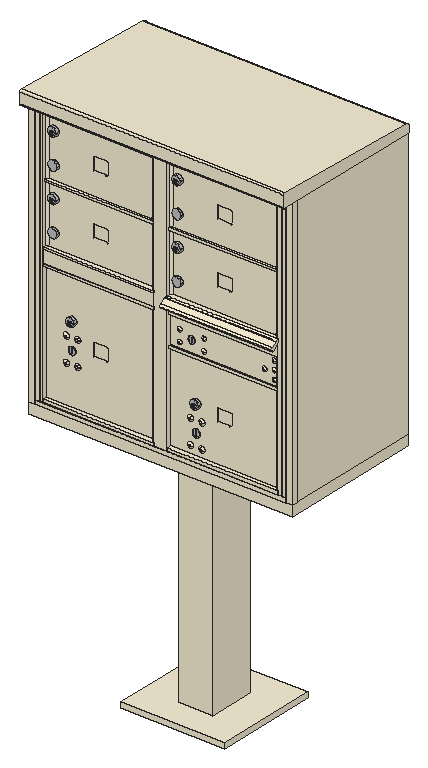
Revit family "Mailboxes_Cluster_Box_Units-Salsbury_Industries-Type_I_II_III_IV_V_VI", category Specialty Equipment, Revit 2016
Family settings
  Part Type = Normal
  Round Connector Dimension = Use Diameter
  OmniClass Number = 23.40.90.14.11
  OmniClass Title = Mail Boxes
  Work Plane-Based = Yes
  Always vertical = Yes
  Cut with Voids When Loaded = No
  Shared = No
  Room Calculation Point = No
Parameters (values of type "3305")
  Width = 30.510"
  Visible Door Number [instance] = yes
  Visible Divider-Low = no
  Visible Divider-High = yes
  Version = "3.0 (02/28/19)"
  URL = "www.mailboxes.com"
  Type Comments = "Cluster Box Unit (CBU) - Includes Pedestal"
  Pedestal Height = 28.500"
  Visible Parcel Lock [instance] = yes
  OmniClass 23 Title = "Mail Boxes"
  OmniClass 23 Number = "23.40.90.14.11"
  Model = "3305"
  MasterFormat Title = "Postal Specialties"
  MasterFormat Number = "10 55 13. 13"
  Manufacturer = "Salsbury Industries"
  Mail Door-Low = 3300 Series CBU Door Configurations : Empty
  Mail Door-High = 3300 Series CBU Small Mail Configuration : Small Mail Door
  Lock Material = Stainless Steel - Salsbury Finish -  Polished
  Height = 62.045"
  External Panel Material [instance] = Paint - Salsbury Finish - Sandstone
  Door Slot R9 Number [instance] = "2P"
  Door Slot R9 = 3300 Series CBU Parcel Configurations : CBU Small Parcel
  Door Slot R8 Number [instance] = "0"
  Door Slot R8 = 3300 Series CBU Door Configurations : Empty
  Door Slot R7B = 3300 Series CBU Door Configurations : Empty
  Door Slot R7 Number [instance] = "0"
  Door Slot R7 = 3300 Series CBU Door Configurations : Empty
  Door Slot R6B = 3300 Series CBU Door Configurations : Empty
  Door Slot R6 Number [instance] = "0"
  Door Slot R6 = 3300 Series CBU Door Configurations : Empty
  Door Slot R5B = 3300 Series CBU Door Configurations : Empty
  Door Slot R5 Number [instance] = "0"
  Door Slot R5 = 3300 Series CBU Door Configurations : Empty
  Door Slot R4B = 3300 Series CBU Door Configurations : Empty
  Door Slot R4 Number [instance] = "4"
  Door Slot R4 = 3300 Series CBU C-Door Configurations : C Door w/ Divider
  Door Slot R3B = 3300 Series CBU Door Configurations : Empty
  Door Slot R3 Number [instance] = "0"
  Door Slot R3 = 3300 Series CBU Door Configurations : Empty
  Door Slot R2B = 3300 Series CBU Door Configurations : Empty
  Door Slot R2 Number [instance] = "3"
  Door Slot R2 = 3300 Series CBU C-Door Configurations : C Door
  Door Slot R1B = 3300 Series CBU Door Configurations : Empty
  Door Slot R1 Number [instance] = "0"
  Door Slot R1 = 3300 Series CBU Door Configurations : Empty
  Door Slot L9 Number [instance] = "1P"
  Door Slot L9 = 3300 Series CBU Parcel Configurations : CBU Large Parcel
  Door Slot L8 Number [instance] = "0"
  Door Slot L8 = 3300 Series CBU Door Configurations : Empty
  Door Slot L7 Number [instance] = "0"
  Door Slot L7 = 3300 Series CBU Door Configurations : Empty
  Door Slot L6B = 3300 Series CBU Door Configurations : Empty
  Door Slot L6 Number [instance] = "0"
  Door Slot L6 = 3300 Series CBU Door Configurations : Empty
  Door Slot L5B = 3300 Series CBU Door Configurations : Empty
  Door Slot L5 Number [instance] = "0"
  Door Slot L5 = 3300 Series CBU Door Configurations : Empty
  Door Slot L4B = 3300 Series CBU Door Configurations : Empty
  Door Slot L4 Number [instance] = "2"
  Door Slot L4 = 3300 Series CBU C-Door Configurations : C Door w/ Divider
  Door Slot L3B = 3300 Series CBU Door Configurations : Empty
  Door Slot L3 Number [instance] = "0"
  Door Slot L3 = 3300 Series CBU Door Configurations : Empty
  Door Slot L2B = 3300 Series CBU Door Configurations : Empty
  Door Slot L2 Number [instance] = "1"
  Door Slot L2 = 3300 Series CBU C-Door Configurations : C Door
  Door Slot L1B = 3300 Series CBU Door Configurations : Empty
  Door Slot L1 Number [instance] = "0"
  Door Slot L1 = 3300 Series CBU Door Configurations : Empty
  Door Slot L7B = 3300 Series CBU Door Configurations : Empty
  Description = "4 C Doors, 1 Large Parcel Locker, 1 Small Parcel Locker - Type V - USPS Access"
  Depth = 17.970"
  Default Elevation [instance] = 0.000"
  Box Height = 34.025"
  Assembly Description = "Other Commercial Equipment"
  Assembly Code = "E1010900"
Reference planes (in)
  plane 1 "Center (Front/Back)": y = 0
  plane 2: z = 0
  plane 3 "Center (Left/Right)": x = 0
  plane 4 "Pedestal Base": z = 0
  plane 5 "Top of Unit": z = 62.045
  plane 6 "Bottom of Unit": z = 28.02
  plane 7 "Left Side of Unit": x = -15.255
  plane 8 "Right Side of Unit": x = 15.255
  plane 9 "Front of Unit": y = -8.985
  plane 10 "Back of Unit": y = 8.985
  plane 11 "Top of Pedestal Base Plate": z = 0.56
  plane 12 "Bottom of Pedestal Top Plate": z = 28
  plane 13 "Top of Pedestal Top Plate": z = 28.5
  plane 14 "Back of Pedestal Bottom Plate": y = 6
  plane 15 "Front of Pedestal Bottom Plate": y = -6
  plane 16 "Right Side of Pedestal Bottom Plate": x = 6
  plane 17 "Left Side of Pedestal Bottom Plate": x = -6
  plane 18 "Bottom Plate-Back Hole Align": y = 2
  plane 19 "Bottom Plate-Right Hole Align": x = 5
  plane 20 "Bottom Plate-Left Hole Align": x = -5
  plane 21 "Bottom Plate-Front Hole Align": y = -2
  plane 22 "Top Plate-Back Align": y = 3
  plane 23 "Top Plate-Front Align": y = -3
  plane 24 "Front Face of Unit": y = -7.792
  plane 25 "Right Side of Pedestal": x = 2
  plane 26 "Left Side of Pedestal": x = -2
  plane 27 "Back of Pedestal": y = 2.703
  plane 28 "Front of Pedestal": y = -2.703
  plane 29 "Top of Back Slope": z = 61.445
  plane 30 "Bottom of Top Cap": z = 60.441
  plane 31 "Back of Mail Unit": y = 8.886
  plane 32 "Back Align of Trim": y = -7.1878
  plane 33 "Bottom Trim-Bottom Edge": z = 29.24
  plane 34 "Bottom Door Frame-Bottom Edge": z = 29.74
  plane 35 "Bottom Door Align": z = 30.115
  plane 36 "Top Trim-Bottom Edge": z = 59.99
  plane 37 "Top Door Frame-Bottom Edge": z = 59.615
  plane 38 "Door Row 1-Bottom Edge": z = 56.365
  plane 39 "Door Row 2-Top Edge": z = 56.115
  plane 40 "Door Row 2-Bottom Edge": z = 52.865
  plane 41 "Door Row 3-Top Edge": z = 52.615
  plane 42 "Door Row 3-Bottom Edge": z = 49.365
  plane 43 "Door Row 4-Top Edge": z = 49.115
  plane 44 "Door Row 4-Bottom Edge": z = 45.865
  plane 45 "Gap-Top Edge": z = 45.615
  plane 46 "Gap-Bottom Edge": z = 44.115
  plane 47 "Door Row 5-Top Edge": z = 43.865
  plane 48 "Door Row 5-Bottom Edge": z = 40.615
  plane 49 "Door Row 6-Top Edge": z = 40.365
  plane 50 "Door Row 6-Bottom Edge": z = 37.115
  plane 51 "Door Row 7-Top Edge": z = 36.865
  plane 52 "Door Row 7-Bottom Edge": z = 33.615
  plane 53 "Door Row 8-Top Edge": z = 33.365
  plane 54 "Door Row 8-Bottom Edge": z = 30.115
  plane 55 "Door Row 9-Top Edge": z = 29.865
  plane 56 "Door Row 9-Bottom Edge": z = 26.615
  plane 57 "Door Row 10-Top Edge": z = 26.365
  plane 58: x = -0.732
  plane 59: x = 0.732
  plane 60 "Left Trim Edge": x = -14.471
  plane 61: x = 14.471
  plane 62 "Left Hinge Edge": x = -13.993
  plane 63 "Left Door Frame Edge": x = -13.617
  plane 64 "Right Hinge Edge": x = 13.993
  plane 65 "Right Door Frame Edge": x = 13.617
  plane 66: y = -7.7295
  plane 67 "Top of Pedestal Cover": z = 27.79
  plane 68: y = 8.761
  plane 69: x = -15.13
  plane 70: x = 15.13
  plane 71: x = 15.13
  plane 72: x = -15.13
  plane 73 "Door Row 1B-Bottom Edge": z = 54.615
  plane 74 "Door Row 2B-Top Edge": z = 54.365
  plane 75 "Door Row 2B-Bottom Edge": z = 49.365
  plane 76 "Door Row 3B-Top Edge": z = 49.115
  plane 77 "Door Row 3B-Bottom Edge": z = 44.115
  plane 78 "Door Row 4B-Top Edge": z = 43.865
  plane 79 "Door Row 4B-Bottom Edge": z = 38.865
  plane 80 "Gap 2-Top Edge": z = 38.615
  plane 81 "Gap 2-Bottom Edge": z = 37.115
  plane 82 "Door Row 5B-Top Edge": z = 36.865
  plane 83 "Door Row 5B-Bottom Edge": z = 31.865
  plane 84 "Door Row 6B-Top Edge": z = 31.615
  plane 85 "Door Row 6B-Bottom Edge": z = 26.615
  plane 86 "Door Row 7B-Top Edge": z = 26.365
  plane 87 "Door Row 7B-Bottom Edge": z = 21.365
  plane 88 "Door Row 8B-Top Edge": z = 21.115
  plane 89: z = 0
Forms (in)
  Extrusion 1, solid, material "Paint - Salsbury Finish - Sandstone" <- "External Panel Material"
    sketch origin (0, 0, 0) x (0, -1, 0) y (1, 0, 0)
      loop
        line (-6, -6) -> (6, -6) -> (6, 6) -> (-6, 6) -> (-6, -6)
    from 0 to 0.56
  Extrusion 2, solid, material "Paint - Salsbury Finish - Sandstone" <- "External Panel Material"
    sketch origin (0, 0, 0.56) x (0, -1, 0) y (1, 0, 0)
      loop
        line (-2.703, -2) -> (2.703, -2) -> (2.703, 2) -> (-2.703, 2) -> (-2.703, -2)
    from 0 to 27.44
  Extrusion 3, solid, material "Paint - Salsbury Finish - Sandstone" <- "External Panel Material"
    sketch origin (0, 0, 28) x (0, -1, 0) y (1, 0, 0)
      loop
        line (-3, -6) -> (3, -6) -> (3, 6) -> (-3, 6) -> (-3, -6)
    from 0 to 0.5
  Sweep 4, solid, material "Paint - Salsbury Finish - Sandstone" <- "External Panel Material"
    path origin (0, 0, 28.02) x (0, -1, 0) y (1, 0, 0)
      loop
        line (-8.886, -15.255) -> (7.792, -15.255) -> (7.792, 15.255) -> (-8.886, 15.255) -> (-8.886, -15.255)
    profile origin (0, 8.886, 28.02) x (0, 1, 0) y (0, 0, 1)
      loop
        line (0, 0) -> (0, 1.22) -> (-0.125, 1.22) -> (-0.125, 0) -> (0, 0)
  Extrusion 5, solid, material "Paint - Salsbury Finish - Sandstone" <- "External Panel Material"
    sketch origin (0, 0, 28.02) x (0, -1, 0) y (1, 0, 0)
      loop
        line (-8.761, -15.13) -> (7.7295, -15.13) -> (7.7295, 15.13) -> (-8.761, 15.13) -> (-8.761, -15.13)
    from 0.48 to 1.22
  Extrusion 6, solid, material "Paint - Salsbury Finish - Sandstone" <- "External Panel Material"
    sketch origin (0, 8.886, -12) x (0, 0, -1) y (1, 0, 0)
      loop
        line (-72.441, -15.13) -> (-41.24, -15.13) -> (-41.24, 15.13) -> (-72.441, 15.13) -> (-72.441, -15.13)
    from 0 to 0.125
  Extrusion 7, solid, material "Paint - Salsbury Finish - Sandstone" <- "External Panel Material"
    sketch origin (-15.255, 0, 0) x (0, 0, -1) y (0, -1, 0)
      loop
        line (-60.441, -8.886) -> (-29.24, -8.886) -> (-29.24, 7.1878) -> (-60.441, 7.1878) -> (-60.441, -8.886)
    from -0.125 to 0
  Extrusion 8, solid, material "Paint - Salsbury Finish - Sandstone" <- "External Panel Material"
    sketch origin (0, -7.792, -12) x (0, 0, -1) y (1, 0, 0)
      loop
        line (-72.441, -15.255) -> (-41.24, -15.255) -> (-41.24, -14.471) -> (-72.441, -14.471) -> (-72.441, -15.255)
    from -0.6042 to 0
  Extrusion 9, solid, material "Paint - Salsbury Finish - Sandstone" <- "External Panel Material"
    sketch origin (0, -7.792, -12) x (0, 0, -1) y (1, 0, 0)
      loop
        line (-72.441, 14.471) -> (-41.24, 14.471) -> (-41.24, 15.255) -> (-72.441, 15.255) -> (-72.441, 14.471)
    from -0.6042 to 0
  Extrusion 10, solid, material "Paint - Salsbury Finish - Sandstone" <- "External Panel Material"
    sketch origin (0, -7.792, -12) x (0, 0, -1) y (1, 0, 0)
      loop
        line (-72.441, -14.471) -> (-71.99, -14.471) -> (-71.99, 14.471) -> (-72.441, 14.471) -> (-72.441, -14.471)
    from -0.6042 to 0
  Extrusion 11, solid, material "Paint - Salsbury Finish - Sandstone" <- "External Panel Material"
    sketch origin (0, -7.792, -56.75) x (0, 0, -1) y (1, 0, 0)
      loop
        line (-86.49, -14.471) -> (-85.99, -14.471) -> (-85.99, 14.471) -> (-86.49, 14.471) -> (-86.49, -14.471)
    from -0.6042 to 0
  Extrusion 12, solid, material "Paint - Salsbury Finish - Sandstone" <- "External Panel Material"
    sketch origin (0, -7.792, -12) x (0, 0, -1) y (1, 0, 0)
      loop
        line (-71.99, -14.471) -> (-41.74, -14.471) -> (-41.74, -13.993) -> (-71.99, -13.993) -> (-71.99, -14.471)
    from -0.6042 to 0
  Extrusion 13, solid, material "Paint - Salsbury Finish - Sandstone" <- "External Panel Material"
    sketch origin (0, -7.792, -12) x (0, 0, -1) y (1, 0, 0)
      loop
        line (-71.99, 13.993) -> (-41.74, 13.993) -> (-41.74, 14.471) -> (-71.99, 14.471) -> (-71.99, 13.993)
    from -0.6042 to 0
  Extrusion 14, solid, material "Paint - Salsbury Finish - Sandstone" <- "External Panel Material"
    sketch origin (0, -7.792, -12) x (0, 0, -1) y (1, 0, 0)
      loop
        line (-71.99, -13.993) -> (-41.74, -13.993) -> (-41.74, -13.617) -> (-71.99, -13.617) -> (-71.99, -13.993)
    from -0.6042 to 0
  Extrusion 15, solid, material "Paint - Salsbury Finish - Sandstone" <- "External Panel Material"
    sketch origin (0, -7.792, -12) x (0, 0, -1) y (1, 0, 0)
      loop
        line (-71.99, 13.617) -> (-41.74, 13.617) -> (-41.74, 13.993) -> (-71.99, 13.993) -> (-71.99, 13.617)
    from -0.6042 to 0
  Extrusion 16, solid, material "Paint - Salsbury Finish - Sandstone" <- "External Panel Material"
    sketch origin (0, -7.792, -12) x (0, 0, -1) y (1, 0, 0)
      loop
        line (-71.99, -0.732) -> (-41.74, -0.732) -> (-41.74, 0.732) -> (-71.99, 0.732) -> (-71.99, -0.732)
    from -0.6042 to 0
  Extrusion 17, solid, material "Paint - Salsbury Finish - Sandstone" <- "External Panel Material"
    sketch origin (15.255, 0, 0) x (0, 0, -1) y (0, -1, 0)
      loop
        line (-60.441, -8.985) -> (-60.441, 8.84827)
        arc (-60.441, 8.84827) -> (-60.47996, 8.94485) -> (-60.57605, 8.985) r 0.13506
        line (-60.57605, 8.985) -> (-61.89071, 8.985)
        arc (-61.89071, 8.985) -> (-62.00172, 8.9379) -> (-62.045, 8.82535) r 0.15438
        line (-62.045, 8.82535) -> (-61.44465, -8.75558)
        arc (-61.44465, -8.75558) -> (-61.38861, -8.91669) -> (-61.2323, -8.985) r 0.21298
        line (-61.2323, -8.985) -> (-60.441, -8.985)
    from 0 to 30.51
  Extrusion 18, solid, material "Paint - Salsbury Finish - Sandstone" <- "External Panel Material", visible <- "Visible Divider-High"
    sketch origin (0, -7.792, -12) x (0, 0, -1) y (1, 0, 0)
      loop
        line (-57.615, -13.617) -> (-56.115, -13.617) -> (-56.115, -0.732) -> (-57.615, -0.732) -> (-57.615, -13.617)
    from -0.6042 to -0.0625
  Extrusion 19, solid, material "Paint - Salsbury Finish - Sandstone" <- "External Panel Material", visible <- "Visible Divider-High"
    sketch origin (0, -7.792, -12) x (0, 0, -1) y (1, 0, 0)
      loop
        line (-57.865, -13.617) -> (-57.615, -13.617) -> (-57.615, -0.732) -> (-57.865, -0.732) -> (-57.865, -13.617)
    from -0.6042 to 0
  Extrusion 20, solid, material "Paint - Salsbury Finish - Sandstone" <- "External Panel Material", visible <- "Visible Divider-High"
    sketch origin (0, -7.792, -12) x (0, 0, -1) y (1, 0, 0)
      loop
        line (-56.115, -13.617) -> (-55.865, -13.617) -> (-55.865, -0.732) -> (-56.115, -0.732) -> (-56.115, -13.617)
    from -0.6042 to 0
  Extrusion 21, solid, material "Paint - Salsbury Finish - Sandstone" <- "External Panel Material"
    sketch origin (14.348, -7.792, -12) x (0, 0, -1) y (1, 0, 0)
      loop
        line (-71.99, -13.616) -> (-71.615, -13.616) -> (-71.615, -0.731) -> (-71.99, -0.731) -> (-71.99, -13.616)
    from -0.6042 to 0
  Extrusion 22, solid, material "Paint - Salsbury Finish - Sandstone" <- "External Panel Material"
    sketch origin (0, -7.792, -55.875) x (0, 0, -1) y (1, 0, 0)
      loop
        line (-85.99, -13.617) -> (-85.615, -13.617) -> (-85.615, -0.732) -> (-85.99, -0.732) -> (-85.99, -13.617)
    from -0.6042 to 0
  Extrusion 23, solid, material "Paint - Salsbury Finish - Sandstone" <- "External Panel Material"
    sketch origin (14.348, -7.792, -55.875) x (0, 0, -1) y (1, 0, 0)
      loop
        line (-85.99, -13.616) -> (-85.615, -13.616) -> (-85.615, -0.731) -> (-85.99, -0.731) -> (-85.99, -13.616)
    from -0.6042 to 0
  Extrusion 24, solid, material "Paint - Salsbury Finish - Sandstone" <- "External Panel Material"
    sketch origin (0, -7.792, -12) x (0, 0, -1) y (1, 0, 0)
      loop
        line (-71.99, -13.617) -> (-71.615, -13.617) -> (-71.615, -0.732) -> (-71.99, -0.732) -> (-71.99, -13.617)
    from -0.6042 to 0
  Extrusion 25, solid, material "Paint - Salsbury Finish - Sandstone" <- "External Panel Material", visible <- "Visible Divider-Low"
    sketch origin (0, -7.792, -19) x (0, 0, -1) y (1, 0, 0)
      loop
        line (-57.615, -13.617) -> (-56.115, -13.617) -> (-56.115, -0.732) -> (-57.615, -0.732) -> (-57.615, -13.617)
    from -0.6042 to -0.0625
  Extrusion 26, solid, material "Paint - Salsbury Finish - Sandstone" <- "External Panel Material", visible <- "Visible Divider-Low"
    sketch origin (0, -7.792, -19) x (0, 0, -1) y (1, 0, 0)
      loop
        line (-57.865, -13.617) -> (-57.615, -13.617) -> (-57.615, -0.732) -> (-57.865, -0.732) -> (-57.865, -13.617)
    from -0.6042 to 0
  Extrusion 27, solid, material "Paint - Salsbury Finish - Sandstone" <- "External Panel Material", visible <- "Visible Divider-Low"
    sketch origin (0, -7.792, -19) x (0, 0, -1) y (1, 0, 0)
      loop
        line (-56.115, -13.617) -> (-55.865, -13.617) -> (-55.865, -0.732) -> (-56.115, -0.732) -> (-56.115, -13.617)
    from -0.6042 to 0
  Extrusion 28, solid, material "Paint - Salsbury Finish - Sandstone" <- "External Panel Material"
    sketch origin (15.255, 0, 0) x (0, 0, -1) y (0, -1, 0)
      loop
        line (-60.441, -8.886) -> (-29.24, -8.886) -> (-29.24, 7.1878) -> (-60.441, 7.1878) -> (-60.441, -8.886)
    from 0.125 to 0
Lines and regions (in)
  symbolic lines
    curve 1: line (-15.255, 8.985, 28.02) -> (15.255, 8.985, 28.02)
    curve 2: line (-15.255, -8.985, 28.02) -> (-15.255, 8.985, 28.02)
    curve 3: line (15.255, -8.985, 28.02) -> (-15.255, -8.985, 28.02)
    curve 4: line (15.255, 8.985, 28.02) -> (15.255, -8.985, 28.02)
    curve 5: line (15.255, -7.792, 60.441) -> (15.255, 8.886, 60.441)
    curve 6: line (15.255, -7.792, 28.02) -> (15.255, -7.792, 60.441)
    curve 7: line (15.255, 8.886, 28.02) -> (15.255, -7.792, 28.02)
    curve 8: line (15.255, 8.886, 60.441) -> (15.255, 8.886, 28.02)
    curve 9: line (15.255, 8.886, 60.441) -> (15.255, 8.985, 60.441)
    curve 10: line (15.255, 8.985, 60.441) -> (15.255, 8.985, 61.2323)
    curve 11: arc (15.255, 8.985, 61.2323) -> (15.255, 8.91669, 61.38861) -> (15.255, 8.75558, 61.44465) r 0.21298
    curve 12: line (15.255, 8.75558, 61.44465) -> (15.255, -8.83053, 62.04518)
    curve 13: line (15.255, -7.792, 60.441) -> (15.255, -8.84827, 60.441)
    curve 14: arc (15.255, -8.84827, 60.441) -> (15.255, -8.94495, 60.48105) -> (15.255, -8.985, 60.57773) r 0.13673
    curve 15: line (15.255, -8.985, 60.57773) -> (15.255, -8.985, 61.89071)
    curve 16: arc (15.255, -8.985, 61.89071) -> (15.255, -8.93976, 61.99993) -> (15.255, -8.83053, 62.04518) r 0.15447
    curve 17: line (15.255, -6, 0.56) -> (15.255, 6, 0.56)
    curve 18: line (15.255, -6, 0) -> (15.255, -6, 0.56)
    curve 19: line (15.255, 6, 0) -> (15.255, -6, 0)
    curve 20: line (15.255, 6, 0.56) -> (15.255, 6, 0)
    curve 21: line (15.255, -2.703, 0.56) -> (15.255, -2.703, 28)
    curve 22: line (15.255, 2.703, 0.56) -> (15.255, 2.703, 28)
    curve 23: line (15.255, 3, 28) -> (15.255, -3, 28)
    curve 24: line (15.255, -3, 28) -> (15.255, -3, 28.02)
    curve 25: line (15.255, 3, 28) -> (15.255, 3, 28.02)
    curve 26: line (-15.255, -7.792, 62.045) -> (15.255, -7.792, 62.045)
    curve 27: line (-15.255, -7.792, 28.02) -> (-15.255, -7.792, 62.045)
    curve 28: line (15.255, -7.792, 28.02) -> (-15.255, -7.792, 28.02)
    curve 29: line (15.255, -7.792, 62.045) -> (15.255, -7.792, 28.02)
    curve 30: line (-15.255, -7.792, 60.441) -> (15.255, -7.792, 60.441)
    curve 31: line (-14.471, -7.792, 60.441) -> (-14.471, -7.792, 29.24)
    curve 32: line (-15.255, -7.792, 29.24) -> (15.255, -7.792, 29.24)
    curve 33: line (14.471, -7.792, 29.24) -> (14.471, -7.792, 60.441)
    curve 34: line (14.471, -7.792, 59.99) -> (-14.471, -7.792, 59.99)
    curve 35: line (-13.993, -7.792, 59.99) -> (-13.993, -7.792, 29.74)
    curve 36: line (-14.471, -7.792, 29.74) -> (14.471, -7.792, 29.74)
    curve 37: line (13.993, -7.792, 29.74) -> (13.993, -7.792, 59.99)
    curve 38: line (-6, -7.792, 0.56) -> (6, -7.792, 0.56)
    curve 39: line (-6, -7.792, 0) -> (-6, -7.792, 0.56)
    curve 40: line (6, -7.792, 0) -> (-6, -7.792, 0)
    curve 41: line (6, -7.792, 0.56) -> (6, -7.792, 0)
    curve 42: line (-2, -7.792, 0.56) -> (-2, -7.792, 28)
    curve 43: line (2, -7.792, 0.56) -> (2, -7.792, 28)
Dimensions and locks (in)
  "Width": plane 7 "Left Side of Unit" to plane 8 "Right Side of Unit"
  equal spacing: plane 7 "Left Side of Unit", plane 3 "Center (Left/Right)", plane 8 "Right Side of Unit"
  "Height": plane 5 "Top of Unit" to plane 4 "Pedestal Base"
  "Box Height": plane 5 "Top of Unit" to plane 6 "Bottom of Unit"
  equal spacing: plane 9 "Front of Unit", plane 1 "Center (Front/Back)", plane 10 "Back of Unit"
  "Depth": plane 9 "Front of Unit" to plane 10 "Back of Unit"
  locked: plane 11 "Top of Pedestal Base Plate" to plane 4 "Pedestal Base" at 0.56
  plane 12 "Bottom of Pedestal Top Plate" to plane 11 "Top of Pedestal Base Plate" = 27.440"
  locked: plane 13 "Top of Pedestal Top Plate" to plane 12 "Bottom of Pedestal Top Plate" at 0.5
  "Pedestal Height": plane 13 "Top of Pedestal Top Plate" to plane 4 "Pedestal Base"
  plane 13 "Top of Pedestal Top Plate" to plane 6 "Bottom of Unit" to plane 12 "Bottom of Pedestal Top Plate" = 0.480", 0.020"
  equal spacing: plane 17 "Left Side of Pedestal Bottom Plate", plane 3 "Center (Left/Right)", plane 16 "Right Side of Pedestal Bottom Plate"
  locked: plane 17 "Left Side of Pedestal Bottom Plate" to plane 16 "Right Side of Pedestal Bottom Plate" at 12
  equal spacing: plane 15 "Front of Pedestal Bottom Plate", plane 1 "Center (Front/Back)", plane 14 "Back of Pedestal Bottom Plate"
  locked: plane 15 "Front of Pedestal Bottom Plate" to plane 14 "Back of Pedestal Bottom Plate" at 12
  locked: plane 17 "Left Side of Pedestal Bottom Plate" to plane 20 "Bottom Plate-Left Hole Align" at 1
  locked: plane 19 "Bottom Plate-Right Hole Align" to plane 16 "Right Side of Pedestal Bottom Plate" at 1
  locked: plane 18 "Bottom Plate-Back Hole Align" to plane 14 "Back of Pedestal Bottom Plate" at 4
  locked: plane 15 "Front of Pedestal Bottom Plate" to plane 21 "Bottom Plate-Front Hole Align" at 4
  equal spacing: plane 23 "Top Plate-Front Align", plane 1 "Center (Front/Back)", plane 22 "Top Plate-Back Align"
  locked: plane 23 "Top Plate-Front Align" to plane 22 "Top Plate-Back Align" at 6
  locked: plane 24 "Front Face of Unit" to plane 10 "Back of Unit" at 16.777
  plane 17 "Left Side of Pedestal Bottom Plate" to plane 26 "Left Side of Pedestal" = 4.000"
  plane 25 "Right Side of Pedestal" to plane 16 "Right Side of Pedestal Bottom Plate" = 4.000"
  plane 27 "Back of Pedestal" to plane 14 "Back of Pedestal Bottom Plate" = 3.297"
  plane 15 "Front of Pedestal Bottom Plate" to plane 28 "Front of Pedestal" = 3.297"
  plane 29 "Top of Back Slope" to plane 5 "Top of Unit" = 0.600"
  plane 30 "Bottom of Top Cap" to plane 5 "Top of Unit" = 1.604"
  plane 31 "Back of Mail Unit" to plane 10 "Back of Unit" = 0.099"
  plane 24 "Front Face of Unit" to plane 32 "Back Align of Trim" = 0.6042"
  plane 35 "Bottom Door Align" to plane 34 "Bottom Door Frame-Bottom Edge" to plane 33 "Bottom Trim-Bottom Edge" to plane 6 "Bottom of Unit" = 0.375" locked, 0.500" locked, 1.220" locked
  plane 5 "Top of Unit" to plane 30 "Bottom of Top Cap" to plane 36 "Top Trim-Bottom Edge" to plane 37 "Top Door Frame-Bottom Edge" to plane 38 "Door Row 1-Bottom Edge" to plane 39 "Door Row 2-Top Edge" to plane 40 "Door Row 2-Bottom Edge" to plane 41 "Door Row 3-Top Edge" to plane 42 "Door Row 3-Bottom Edge" to plane 43 "Door Row 4-Top Edge" to plane 44 "Door Row 4-Bottom Edge" to plane 45 "Gap-Top Edge" to plane 46 "Gap-Bottom Edge" to plane 47 "Door Row 5-Top Edge" to plane 48 "Door Row 5-Bottom Edge" to plane 49 "Door Row 6-Top Edge" to plane 50 "Door Row 6-Bottom Edge" to plane 51 "Door Row 7-Top Edge" to plane 52 "Door Row 7-Bottom Edge" to plane 53 "Door Row 8-Top Edge" to plane 54 "Door Row 8-Bottom Edge" to plane 55 "Door Row 9-Top Edge" to plane 56 "Door Row 9-Bottom Edge" to plane 57 "Door Row 10-Top Edge" = 1.604", 0.451", 0.375", 3.250", 0.250", 3.250", 0.250", 3.250", 0.250", 3.250", 0.250", 1.500", 0.250", 3.250", 0.250", 3.250", 0.250", 3.250", 0.250", 3.250", 0.250", 3.250", 0.250"
  equal spacing: plane 58, plane 3 "Center (Left/Right)", plane 59
  plane 58 to plane 59 = 1.464"
  plane 7 "Left Side of Unit" to plane 60 "Left Trim Edge" to plane 62 "Left Hinge Edge" to plane 63 "Left Door Frame Edge" = 0.784", 0.478", 0.376"
  plane 65 "Right Door Frame Edge" to plane 64 "Right Hinge Edge" to plane 61 to plane 8 "Right Side of Unit" = 0.376", 0.478", 0.784"
  plane 24 "Front Face of Unit" to plane 66 = 0.0625"
  plane 13 "Top of Pedestal Top Plate" to plane 67 "Top of Pedestal Cover" to plane 4 "Pedestal Base" = 0.710", 27.790"
  plane 70 to plane 8 "Right Side of Unit" = 0.125"
  plane 7 "Left Side of Unit" to plane 69 = 0.125"
  plane 71 to plane 8 "Right Side of Unit" = 0.125"
  plane 7 "Left Side of Unit" to plane 72 = 0.125"
  plane 5 "Top of Unit" to plane 30 "Bottom of Top Cap" to plane 36 "Top Trim-Bottom Edge" to plane 37 "Top Door Frame-Bottom Edge" to plane 73 "Door Row 1B-Bottom Edge" to plane 74 "Door Row 2B-Top Edge" to plane 75 "Door Row 2B-Bottom Edge" to plane 76 "Door Row 3B-Top Edge" to plane 77 "Door Row 3B-Bottom Edge" to plane 78 "Door Row 4B-Top Edge" to plane 79 "Door Row 4B-Bottom Edge" to plane 80 "Gap 2-Top Edge" to plane 81 "Gap 2-Bottom Edge" to plane 82 "Door Row 5B-Top Edge" to plane 83 "Door Row 5B-Bottom Edge" to plane 84 "Door Row 6B-Top Edge" to plane 85 "Door Row 6B-Bottom Edge" to plane 86 "Door Row 7B-Top Edge" to plane 87 "Door Row 7B-Bottom Edge" to plane 88 "Door Row 8B-Top Edge" = 1.604", 0.451", 0.375", 5.000", 0.250", 5.000", 0.250", 5.000", 0.250", 5.000", 0.250", 1.500", 0.250", 5.000", 0.250", 5.000", 0.250", 5.000", 0.250"
  aligned and locked: level to plane 2
  aligned and locked: Extrusion 1 sketch curve to plane 15 "Front of Pedestal Bottom Plate"
  aligned and locked: Extrusion 1 sketch curve to plane 17 "Left Side of Pedestal Bottom Plate"
  aligned and locked: plane 14 "Back of Pedestal Bottom Plate" to Extrusion 1 sketch curve
  aligned and locked: plane 16 "Right Side of Pedestal Bottom Plate" to Extrusion 1 sketch curve
  aligned and locked: Extrusion 1 to plane 11 "Top of Pedestal Base Plate"
  aligned and locked: plane 27 "Back of Pedestal" to Extrusion 2 sketch curve
  aligned and locked: plane 25 "Right Side of Pedestal" to Extrusion 2 sketch curve
  aligned and locked: Extrusion 2 sketch curve to plane 28 "Front of Pedestal"
  aligned and locked: Extrusion 2 sketch curve to plane 26 "Left Side of Pedestal"
  aligned and locked: Extrusion 2 to plane 12 "Bottom of Pedestal Top Plate"
  aligned and locked: plane 16 "Right Side of Pedestal Bottom Plate" to Extrusion 3 sketch curve
  aligned and locked: Extrusion 3 sketch curve to plane 23 "Top Plate-Front Align"
  aligned and locked: plane 22 "Top Plate-Back Align" to Extrusion 3 sketch curve
  aligned and locked: Extrusion 3 to plane 13 "Top of Pedestal Top Plate"
  aligned and locked: Sweep 4 sketch curve to plane 24 "Front Face of Unit"
  aligned and locked: Sweep 4 sketch curve to plane 7 "Left Side of Unit"
  aligned and locked: plane 31 "Back of Mail Unit" to Sweep 4 sketch curve  (x2)
  aligned and locked: plane 8 "Right Side of Unit" to Sweep 4 sketch curve
  aligned and locked: plane 33 "Bottom Trim-Bottom Edge" to Sweep 4 sketch curve
  aligned and locked: Sweep 4 sketch curve to plane 6 "Bottom of Unit"
  aligned and locked: Extrusion 5 to plane 33 "Bottom Trim-Bottom Edge"
  aligned and locked: plane 13 "Top of Pedestal Top Plate" to Extrusion 5
  aligned and locked: Extrusion 5 to plane 13 "Top of Pedestal Top Plate"  (x2)
  aligned and locked: plane 33 "Bottom Trim-Bottom Edge" to Extrusion 5
  aligned and locked: plane 30 "Bottom of Top Cap" to Extrusion 6 sketch curve
  aligned and locked: Extrusion 6 sketch curve to plane 33 "Bottom Trim-Bottom Edge"
  aligned and locked: Extrusion 6 to Extrusion 5
  aligned and locked: Extrusion 7 sketch curve to plane 33 "Bottom Trim-Bottom Edge"
  aligned and locked: Extrusion 7 sketch curve to plane 32 "Back Align of Trim"
  aligned and locked: plane 31 "Back of Mail Unit" to Extrusion 7 sketch curve
  aligned and locked: plane 30 "Bottom of Top Cap" to Extrusion 7 sketch curve
  aligned and locked: plane 7 "Left Side of Unit" to Extrusion 7
  aligned and locked: Extrusion 7 to Extrusion 5
  aligned and locked: Extrusion 8 sketch curve to plane 33 "Bottom Trim-Bottom Edge"
  aligned and locked: Extrusion 8 sketch curve to plane 7 "Left Side of Unit"
  aligned and locked: plane 60 "Left Trim Edge" to Extrusion 8 sketch curve
  aligned and locked: plane 30 "Bottom of Top Cap" to Extrusion 8 sketch curve
  aligned and locked: Extrusion 8 to plane 32 "Back Align of Trim"
  aligned and locked: plane 24 "Front Face of Unit" to Extrusion 8
  aligned and locked: Extrusion 9 sketch curve to plane 33 "Bottom Trim-Bottom Edge"
  aligned and locked: plane 8 "Right Side of Unit" to Extrusion 9 sketch curve
  aligned and locked: Extrusion 9 sketch curve to plane 61
  aligned and locked: plane 30 "Bottom of Top Cap" to Extrusion 9 sketch curve
  aligned and locked: Extrusion 9 to plane 32 "Back Align of Trim"
  aligned and locked: plane 24 "Front Face of Unit" to Extrusion 9
  aligned and locked: Extrusion 10 sketch curve to plane 60 "Left Trim Edge"
  aligned and locked: plane 30 "Bottom of Top Cap" to Extrusion 10 sketch curve
  aligned and locked: Extrusion 10 sketch curve to plane 36 "Top Trim-Bottom Edge"
  aligned and locked: plane 61 to Extrusion 10 sketch curve
  aligned and locked: Extrusion 10 to plane 32 "Back Align of Trim"
  aligned and locked: plane 24 "Front Face of Unit" to Extrusion 10
  aligned and locked: Extrusion 11 to plane 34 "Bottom Door Frame-Bottom Edge"
  aligned and locked: plane 33 "Bottom Trim-Bottom Edge" to Extrusion 11
  aligned and locked: Extrusion 11 to plane 61
  aligned and locked: plane 60 "Left Trim Edge" to Extrusion 11
  aligned and locked: Extrusion 12 sketch curve to Extrusion 10
  aligned and locked: Extrusion 12 sketch curve to plane 34 "Bottom Door Frame-Bottom Edge"
  aligned and locked: plane 62 "Left Hinge Edge" to Extrusion 12 sketch curve
  aligned and locked: plane 36 "Top Trim-Bottom Edge" to Extrusion 12 sketch curve
  aligned and locked: Extrusion 12 to plane 32 "Back Align of Trim"
  aligned and locked: plane 24 "Front Face of Unit" to Extrusion 12
  aligned and locked: Extrusion 13 sketch curve to plane 64 "Right Hinge Edge"
  aligned and locked: Extrusion 13 sketch curve to Extrusion 11  (x2)
  aligned and locked: plane 36 "Top Trim-Bottom Edge" to Extrusion 13 sketch curve
  aligned and locked: Extrusion 13 to plane 32 "Back Align of Trim"
  aligned and locked: plane 24 "Front Face of Unit" to Extrusion 13
  aligned and locked: Extrusion 14 sketch curve to Extrusion 12  (x2)
  aligned and locked: Extrusion 14 sketch curve to plane 34 "Bottom Door Frame-Bottom Edge"
  aligned and locked: plane 63 "Left Door Frame Edge" to Extrusion 14 sketch curve
  aligned and locked: Extrusion 14 to plane 32 "Back Align of Trim"
  aligned and locked: plane 24 "Front Face of Unit" to Extrusion 14
  aligned and locked: plane 36 "Top Trim-Bottom Edge" to Extrusion 15 sketch curve
  aligned and locked: Extrusion 15 sketch curve to plane 65 "Right Door Frame Edge"
  aligned and locked: Extrusion 15 sketch curve to Extrusion 13  (x2)
  aligned and locked: Extrusion 15 to plane 32 "Back Align of Trim"
  aligned and locked: plane 24 "Front Face of Unit" to Extrusion 15
  aligned and locked: plane 36 "Top Trim-Bottom Edge" to Extrusion 16 sketch curve
  aligned and locked: Extrusion 16 sketch curve to plane 58
  aligned and locked: Extrusion 16 sketch curve to plane 34 "Bottom Door Frame-Bottom Edge"
  aligned and locked: plane 59 to Extrusion 16 sketch curve
  aligned and locked: Extrusion 16 to plane 32 "Back Align of Trim"
  aligned and locked: plane 24 "Front Face of Unit" to Extrusion 16
  aligned and locked: Extrusion 17 sketch curve to plane 10 "Back of Unit"
  aligned and locked: plane 9 "Front of Unit" to Extrusion 17 sketch curve
  aligned and locked: plane 7 "Left Side of Unit" to Extrusion 17
  aligned and locked: plane 45 "Gap-Top Edge" to Extrusion 18 sketch curve
  aligned and locked: Extrusion 18 sketch curve to plane 63 "Left Door Frame Edge"
  aligned and locked: Extrusion 18 sketch curve to plane 46 "Gap-Bottom Edge"
  aligned and locked: plane 58 to Extrusion 18 sketch curve
  aligned and locked: Extrusion 18 to plane 32 "Back Align of Trim"
  aligned and locked: Extrusion 5 to Extrusion 18
  aligned and locked: plane 44 "Door Row 4-Bottom Edge" to Extrusion 19 sketch curve
  aligned and locked: Extrusion 19 sketch curve to plane 63 "Left Door Frame Edge"
  aligned and locked: Extrusion 19 sketch curve to Extrusion 18  (x2)
  aligned and locked: Extrusion 19 to plane 32 "Back Align of Trim"
  aligned and locked: plane 24 "Front Face of Unit" to Extrusion 19
  aligned and locked: Extrusion 20 sketch curve to Extrusion 18  (x2)
  aligned and locked: Extrusion 20 sketch curve to plane 47 "Door Row 5-Top Edge"
  aligned and locked: plane 58 to Extrusion 20 sketch curve
  aligned and locked: Extrusion 20 to plane 32 "Back Align of Trim"
  aligned and locked: plane 24 "Front Face of Unit" to Extrusion 20
  aligned and locked: Extrusion 22 to plane 32 "Back Align of Trim"
  aligned and locked: Extrusion 23 to plane 32 "Back Align of Trim"
  aligned and locked: Extrusion 21 to plane 32 "Back Align of Trim"
  aligned and locked: nested 1 to plane 32 "Back Align of Trim"
  aligned and locked: plane 63 "Left Door Frame Edge" to nested 1
  aligned and locked: nested 1 to plane 38 "Door Row 1-Bottom Edge"
  aligned and locked: nested 4 to plane 32 "Back Align of Trim"
  aligned and locked: plane 63 "Left Door Frame Edge" to nested 4
  aligned and locked: nested 4 to plane 40 "Door Row 2-Bottom Edge"
  aligned and locked: nested 17 to plane 32 "Back Align of Trim"
  aligned and locked: plane 63 "Left Door Frame Edge" to nested 17
  aligned and locked: nested 17 to plane 35 "Bottom Door Align"
  aligned and locked: nested 18 to plane 32 "Back Align of Trim"
  aligned and locked: plane 65 "Right Door Frame Edge" to nested 18
  aligned and locked: Extrusion 3 sketch curve to plane 17 "Left Side of Pedestal Bottom Plate"
  aligned and locked: Sweep 4 sketch curve to plane 68
  aligned and locked: plane 68 to Extrusion 5 sketch curve
  aligned and locked: Extrusion 5 sketch curve to plane 66
  aligned and locked: plane 69 to Extrusion 5 sketch curve
  aligned and locked: plane 70 to Extrusion 5 sketch curve
  aligned and locked: plane 72 to Extrusion 7
  aligned and locked: plane 71 to Extrusion 6 sketch curve
  aligned and locked: Extrusion 6 sketch curve to plane 72
  aligned and locked: Extrusion 6 to plane 31 "Back of Mail Unit"
  aligned and locked: Extrusion 17 sketch curve to plane 30 "Bottom of Top Cap"
  aligned and locked: plane 10 "Back of Unit" to Extrusion 17 sketch curve
  aligned and locked: plane 5 "Top of Unit" to Extrusion 17 sketch curve
  aligned and locked: Extrusion 17 to plane 8 "Right Side of Unit"
  aligned and locked: Extrusion 11 sketch curve to plane 33 "Bottom Trim-Bottom Edge"
  aligned and locked: plane 34 "Bottom Door Frame-Bottom Edge" to Extrusion 11 sketch curve
  aligned and locked: Extrusion 11 sketch curve to plane 60 "Left Trim Edge"
  aligned and locked: plane 61 to Extrusion 11 sketch curve
  aligned and locked: Extrusion 11 to plane 32 "Back Align of Trim"
  aligned and locked: plane 24 "Front Face of Unit" to Extrusion 11
  aligned and locked: plane 58 to Extrusion 24 sketch curve
  aligned and locked: Extrusion 24 sketch curve to plane 37 "Top Door Frame-Bottom Edge"
  aligned and locked: plane 36 "Top Trim-Bottom Edge" to Extrusion 24 sketch curve
  aligned and locked: Extrusion 24 sketch curve to plane 63 "Left Door Frame Edge"
  aligned and locked: Extrusion 24 to plane 32 "Back Align of Trim"
  aligned and locked: plane 24 "Front Face of Unit" to Extrusion 24
  aligned and locked: plane 36 "Top Trim-Bottom Edge" to Extrusion 21 sketch curve
  aligned and locked: Extrusion 21 sketch curve to plane 59
  aligned and locked: Extrusion 21 sketch curve to plane 37 "Top Door Frame-Bottom Edge"
  aligned and locked: plane 65 "Right Door Frame Edge" to Extrusion 21 sketch curve
  aligned and locked: plane 24 "Front Face of Unit" to Extrusion 21
  aligned and locked: Extrusion 23 sketch curve to plane 34 "Bottom Door Frame-Bottom Edge"
  aligned and locked: plane 35 "Bottom Door Align" to Extrusion 23 sketch curve
  aligned and locked: Extrusion 23 sketch curve to plane 59
  aligned and locked: plane 65 "Right Door Frame Edge" to Extrusion 23 sketch curve
  aligned and locked: plane 24 "Front Face of Unit" to Extrusion 23
  aligned and locked: Extrusion 22 sketch curve to plane 63 "Left Door Frame Edge"
  aligned and locked: Extrusion 22 sketch curve to plane 34 "Bottom Door Frame-Bottom Edge"
  aligned and locked: plane 35 "Bottom Door Align" to Extrusion 22 sketch curve
  aligned and locked: plane 58 to Extrusion 22 sketch curve
  aligned and locked: plane 24 "Front Face of Unit" to Extrusion 22
  aligned and locked: plane 63 "Left Door Frame Edge" to nested 6
  aligned and locked: plane 63 "Left Door Frame Edge" to nested 8
  aligned and locked: nested 8 to plane 44 "Door Row 4-Bottom Edge"
  aligned and locked: nested 6 to plane 42 "Door Row 3-Bottom Edge"
  aligned and locked: nested 14 to plane 54 "Door Row 8-Bottom Edge"
  aligned and locked: nested 12 to plane 52 "Door Row 7-Bottom Edge"
  aligned and locked: nested 10 to plane 50 "Door Row 6-Bottom Edge"
  aligned and locked: nested 3 to plane 48 "Door Row 5-Bottom Edge"
  aligned and locked: plane 63 "Left Door Frame Edge" to nested 14
  aligned and locked: plane 63 "Left Door Frame Edge" to nested 12
  aligned and locked: plane 63 "Left Door Frame Edge" to nested 10
  aligned and locked: plane 63 "Left Door Frame Edge" to nested 3
  aligned and locked: nested 16 to plane 56 "Door Row 9-Bottom Edge"
  aligned and locked: nested 15 to plane 54 "Door Row 8-Bottom Edge"
  aligned and locked: nested 13 to plane 52 "Door Row 7-Bottom Edge"
  aligned and locked: plane 65 "Right Door Frame Edge" to nested 16
  aligned and locked: plane 65 "Right Door Frame Edge" to nested 15
  aligned and locked: plane 65 "Right Door Frame Edge" to nested 13
  aligned and locked: plane 65 "Right Door Frame Edge" to nested 11
  aligned and locked: nested 11 to plane 50 "Door Row 6-Bottom Edge"
  aligned and locked: nested 9 to plane 44 "Door Row 4-Bottom Edge"
  aligned and locked: plane 65 "Right Door Frame Edge" to nested 9
  aligned and locked: nested 7 to plane 42 "Door Row 3-Bottom Edge"
  aligned and locked: plane 65 "Right Door Frame Edge" to nested 7
  aligned and locked: nested 5 to plane 40 "Door Row 2-Bottom Edge"
  aligned and locked: nested 2 to plane 38 "Door Row 1-Bottom Edge"
  aligned and locked: plane 65 "Right Door Frame Edge" to nested 5
  aligned and locked: plane 65 "Right Door Frame Edge" to nested 2
  aligned and locked: nested 2 to plane 32 "Back Align of Trim"
  aligned and locked: nested 5 to plane 32 "Back Align of Trim"
  aligned and locked: nested 7 to plane 32 "Back Align of Trim"
  aligned and locked: nested 6 to plane 32 "Back Align of Trim"
  aligned and locked: nested 9 to plane 32 "Back Align of Trim"
  aligned and locked: nested 8 to plane 32 "Back Align of Trim"
  aligned and locked: nested 3 to plane 32 "Back Align of Trim"
  aligned and locked: nested 11 to plane 32 "Back Align of Trim"
  aligned and locked: nested 10 to plane 32 "Back Align of Trim"
  aligned and locked: nested 13 to plane 32 "Back Align of Trim"
  aligned and locked: nested 12 to plane 32 "Back Align of Trim"
  aligned and locked: nested 15 to plane 32 "Back Align of Trim"
  aligned and locked: nested 14 to plane 32 "Back Align of Trim"
  aligned and locked: nested 16 to plane 32 "Back Align of Trim"
  aligned and locked: plane 65 "Right Door Frame Edge" to nested 19
  aligned and locked: nested 19 to plane 48 "Door Row 5-Bottom Edge"
  aligned and locked: nested 19 to plane 32 "Back Align of Trim"
  aligned and locked: curve 1 to Extrusion 17
  aligned and locked: curve 2 to Extrusion 17
  aligned and locked: curve 3 to Extrusion 17
  aligned and locked: curve 4 to Extrusion 17
  aligned and locked: curve 5 to Extrusion 8
  aligned and locked: curve 6 to Extrusion 8
  aligned and locked: curve 7 to Sweep 4
  aligned and locked: curve 8 to plane 31 "Back of Mail Unit"
  aligned and locked: curve 5 to curve 9
  aligned and locked: curve 10 to Extrusion 17
  aligned and locked: curve 12 to Extrusion 17
  aligned and locked: Extrusion 17 to curve 15
  aligned and locked: curve 26 to Extrusion 17
  aligned and locked: curve 27 to Extrusion 17
  aligned and locked: curve 28 to Sweep 4
  aligned and locked: curve 29 to Sweep 4
  aligned and locked: curve 30 to Extrusion 17
  aligned and locked: plane 60 "Left Trim Edge" to curve 31
  aligned and locked: curve 32 to Sweep 4
  aligned and locked: curve 33 to Extrusion 9
  aligned and locked: curve 34 to Extrusion 10
  aligned and locked: curve 35 to Extrusion 12
  aligned and locked: curve 36 to Extrusion 11
  aligned and locked: curve 37 to Extrusion 13
  aligned and locked: Extrusion 26 sketch curve to Extrusion 25  (x2)
  aligned and locked: Extrusion 27 sketch curve to Extrusion 25  (x2)
  aligned and locked: Extrusion 26 sketch curve to plane 63 "Left Door Frame Edge"
  aligned and locked: Extrusion 26 sketch curve to plane 79 "Door Row 4B-Bottom Edge"
  aligned and locked: plane 24 "Front Face of Unit" to Extrusion 26
  aligned and locked: Extrusion 26 to plane 32 "Back Align of Trim"
  aligned and locked: plane 58 to Extrusion 27 sketch curve
  aligned and locked: plane 82 "Door Row 5B-Top Edge" to Extrusion 27 sketch curve
  aligned and locked: plane 24 "Front Face of Unit" to Extrusion 27
  aligned and locked: Extrusion 27 to plane 32 "Back Align of Trim"
  aligned and locked: plane 58 to Extrusion 25 sketch curve
  aligned and locked: Extrusion 25 sketch curve to plane 63 "Left Door Frame Edge"
  aligned and locked: plane 81 "Gap 2-Bottom Edge" to Extrusion 25 sketch curve
  aligned and locked: Extrusion 25 sketch curve to plane 80 "Gap 2-Top Edge"
  aligned and locked: plane 66 to Extrusion 25
  aligned and locked: Extrusion 25 to plane 32 "Back Align of Trim"
  aligned and locked: plane 73 "Door Row 1B-Bottom Edge" to nested 20
  aligned and locked: plane 63 "Left Door Frame Edge" to nested 20
  aligned and locked: nested 20 to plane 32 "Back Align of Trim"
  aligned and locked: plane 65 "Right Door Frame Edge" to nested 21
  aligned and locked: plane 73 "Door Row 1B-Bottom Edge" to nested 21
  aligned and locked: nested 21 to plane 32 "Back Align of Trim"
  aligned and locked: nested 33 to plane 35 "Bottom Door Align"
  aligned and locked: nested 34 to plane 35 "Bottom Door Align"
  aligned and locked: plane 85 "Door Row 6B-Bottom Edge" to nested 30
  aligned and locked: plane 87 "Door Row 7B-Bottom Edge" to nested 32
  aligned and locked: plane 85 "Door Row 6B-Bottom Edge" to nested 31
  aligned and locked: plane 83 "Door Row 5B-Bottom Edge" to nested 28
  aligned and locked: plane 83 "Door Row 5B-Bottom Edge" to nested 29
  aligned and locked: plane 79 "Door Row 4B-Bottom Edge" to nested 26
  aligned and locked: plane 79 "Door Row 4B-Bottom Edge" to nested 27
  aligned and locked: plane 77 "Door Row 3B-Bottom Edge" to nested 24
  aligned and locked: plane 77 "Door Row 3B-Bottom Edge" to nested 25
  aligned and locked: plane 75 "Door Row 2B-Bottom Edge" to nested 22
  aligned and locked: plane 75 "Door Row 2B-Bottom Edge" to nested 23
  aligned and locked: nested 18 to plane 35 "Bottom Door Align"
  aligned and locked: plane 63 "Left Door Frame Edge" to nested 22
  aligned and locked: plane 63 "Left Door Frame Edge" to nested 24
  aligned and locked: plane 63 "Left Door Frame Edge" to nested 26
  aligned and locked: plane 63 "Left Door Frame Edge" to nested 28
  aligned and locked: plane 63 "Left Door Frame Edge" to nested 30
  aligned and locked: plane 63 "Left Door Frame Edge" to nested 34
  aligned and locked: plane 65 "Right Door Frame Edge" to nested 33
  aligned and locked: plane 65 "Right Door Frame Edge" to nested 32
  aligned and locked: plane 65 "Right Door Frame Edge" to nested 31
  aligned and locked: plane 65 "Right Door Frame Edge" to nested 29
  aligned and locked: plane 65 "Right Door Frame Edge" to nested 27
  aligned and locked: plane 65 "Right Door Frame Edge" to nested 25
  aligned and locked: plane 65 "Right Door Frame Edge" to nested 23
  aligned and locked: nested 23 to plane 32 "Back Align of Trim"
  aligned and locked: nested 22 to plane 32 "Back Align of Trim"
  aligned and locked: nested 25 to plane 32 "Back Align of Trim"
  aligned and locked: nested 24 to plane 32 "Back Align of Trim"
  aligned and locked: nested 29 to plane 32 "Back Align of Trim"
  aligned and locked: nested 27 to plane 32 "Back Align of Trim"
  aligned and locked: nested 26 to plane 32 "Back Align of Trim"
  aligned and locked: nested 28 to plane 32 "Back Align of Trim"
  aligned and locked: nested 31 to plane 32 "Back Align of Trim"
  aligned and locked: nested 30 to plane 32 "Back Align of Trim"
  aligned and locked: nested 32 to plane 32 "Back Align of Trim"
  aligned and locked: nested 34 to plane 32 "Back Align of Trim"
  aligned and locked: nested 33 to plane 32 "Back Align of Trim"
  aligned and locked: curve 40 to plane 4 "Pedestal Base"
  aligned and locked: curve 38 to curve 42
  aligned and locked: plane 12 "Bottom of Pedestal Top Plate" to curve 42
  aligned and locked: plane 12 "Bottom of Pedestal Top Plate" to curve 43
  aligned and locked: plane 32 "Back Align of Trim" to Extrusion 28 sketch curve
  aligned and locked: Extrusion 28 sketch curve to plane 30 "Bottom of Top Cap"
  aligned and locked: Extrusion 28 sketch curve to plane 31 "Back of Mail Unit"
  aligned and locked: plane 33 "Bottom Trim-Bottom Edge" to Extrusion 28 sketch curve
  aligned and locked: plane 8 "Right Side of Unit" to Extrusion 28
  aligned and locked: plane 71 to Extrusion 28
  aligned and locked: curve 22 to Extrusion 2
Automatic sketch dimensions
  plane 5 "Top of Unit" to Extrusion 17 sketch curve = 0.15429"
  plane 29 "Top of Back Slope" to Extrusion 17 sketch curve = 0.00035"
  Extrusion 17 sketch curve to plane 68 = 0.01102"
  plane 29 "Top of Back Slope" to Extrusion 17 sketch curve = 0.2127"
  Extrusion 17 sketch curve to plane 30 "Bottom of Top Cap" = 0.13505"
  Extrusion 17 sketch curve to plane 9 "Front of Unit" = 0.15965"
  Extrusion 17 sketch curve to plane 9 "Front of Unit" = 0.13673"
  plane 12 "Bottom of Pedestal Top Plate" to curve 21 = 0.000"
  plane 11 "Top of Pedestal Base Plate" to curve 21 = 0.000"
  curve 18 to level = 0.000"
  curve 19 to plane 14 "Back of Pedestal Bottom Plate" = 0.000"
  curve 25 to plane 22 "Top Plate-Back Align" = 0.000"
  curve 24 to plane 23 "Top Plate-Front Align" = 0.000"
  curve 19 to plane 15 "Front of Pedestal Bottom Plate" = 0.000"
  curve 15 to plane 30 "Bottom of Top Cap" = 0.13673"
  curve 11 to plane 68 = 0.01102"
  plane 29 "Top of Back Slope" to curve 11 = 0.2127"
  plane 5 "Top of Unit" to curve 16 = 0.15429"
  curve 38 to plane 11 "Top of Pedestal Base Plate" = 0.000"
  plane 17 "Left Side of Pedestal Bottom Plate" to curve 39 = 0.000"
  plane 16 "Right Side of Pedestal Bottom Plate" to curve 40 = 0.000"
  curve 21 to plane 28 "Front of Pedestal" = 0.000"
  plane 26 "Left Side of Pedestal" to curve 42 = 0.000"
  plane 25 "Right Side of Pedestal" to curve 43 = 0.000"
Nested families (in)
  nested 1: "3300 Series CBU Door Configurations" at (-7.1745, -7.2448, 56.365), type <- "Door Slot L1", Door Number <- "Door Slot L1 Number", type "Empty"
    with Door Number "0"
  nested 2: "3300 Series CBU Door Configurations" at (7.1745, -7.2448, 56.365), type <- "Door Slot R1", Door Number <- "Door Slot R1 Number", type "Empty"
    with Door Number "0"
  nested 3: "3300 Series CBU Door Configurations" at (-7.1745, -7.2448, 40.615), type <- "Door Slot L5", Door Number <- "Door Slot L5 Number", type "Empty"
    with Door Number "0"
  nested 4: "3300 Series CBU C-Door Configurations" at (-7.1745, -7.2448, 52.865), type <- "Door Slot L2", Door Number <- "Door Slot L2 Number", type "C Door"
    with Door Number "1"
  nested 5: "3300 Series CBU C-Door Configurations" at (7.1745, -7.2448, 52.865), type <- "Door Slot R2", Door Number <- "Door Slot R2 Number", type "C Door"
    with Door Number "3"
  nested 6: "3300 Series CBU Door Configurations" at (-7.1745, -7.2448, 49.365), type <- "Door Slot L3", Door Number <- "Door Slot L3 Number", type "Empty"
    with Door Number "0"
  nested 7: "3300 Series CBU Door Configurations" at (7.1745, -7.2448, 49.365), type <- "Door Slot R3", Door Number <- "Door Slot R3 Number", type "Empty"
    with Door Number "0"
  nested 8: "3300 Series CBU C-Door Configurations" at (-7.1745, -7.2448, 45.865), type <- "Door Slot L4", Door Number <- "Door Slot L4 Number", type "C Door w/ Divider"
    with Door Number "2"
  nested 9: "3300 Series CBU C-Door Configurations" at (7.1745, -7.2448, 45.865), type <- "Door Slot R4", Door Number <- "Door Slot R4 Number", type "C Door w/ Divider"
    with Door Number "4"
  nested 10: "3300 Series CBU Door Configurations" at (-7.1745, -7.2448, 37.115), type <- "Door Slot L6", Door Number <- "Door Slot L6 Number", type "Empty"
    with Door Number "0"
  nested 11: "3300 Series CBU Door Configurations" at (7.1745, -7.2448, 37.115), type <- "Door Slot R5", Door Number <- "Door Slot R5 Number", type "Empty"
    with Door Number "0"
  nested 12: "3300 Series CBU Door Configurations" at (-7.1745, -7.2448, 33.615), type <- "Door Slot L7", Door Number <- "Door Slot L7 Number", type "Empty"
    with Door Number "0"
  nested 13: "3300 Series CBU Door Configurations" at (7.1745, -7.2448, 33.615), type <- "Door Slot R6", Door Number <- "Door Slot R6 Number", type "Empty"
    with Door Number "0"
  nested 14: "3300 Series CBU Door Configurations" at (-7.1745, -7.2448, 30.115), type <- "Door Slot L8", Door Number <- "Door Slot L8 Number", type "Empty"
    with Door Number "0"
  nested 15: "3300 Series CBU Door Configurations" at (7.1745, -7.2448, 30.115), type <- "Door Slot R7", Door Number <- "Door Slot R7 Number", type "Empty"
    with Door Number "0"
  nested 16: "3300 Series CBU Door Configurations" at (7.1745, -7.2448, 26.615), type <- "Door Slot R8", Door Number <- "Door Slot R8 Number", type "Empty"
    with Door Number "0"
  nested 17: "3300 Series CBU Parcel Configurations" at (-7.1745, -7.2448, 30.115), type <- "Door Slot L9", Door Number <- "Door Slot L9 Number", type "CBU Large Parcel"
    with Door Number "1P"
  nested 18: "3300 Series CBU Parcel Configurations" at (7.1745, -7.2448, 30.115), type <- "Door Slot R9", Door Number <- "Door Slot R9 Number", type "CBU Small Parcel"
    with Door Number "2P"
  nested 19: "3300 Series CBU Small Mail Configuration" at (7.1745, -7.2733, 40.615), type <- "Mail Door-High", type "Small Mail Door"
    with Door Number "101"
  nested 20: "3300 Series CBU Door Configurations" at (-7.1745, -7.2448, 54.615), type <- "Door Slot L1B", Door Number <- "Door Slot L1 Number", type "Empty"
    with Door Number "0"
  nested 21: "3300 Series CBU Door Configurations" at (7.1745, -7.2448, 54.615), type <- "Door Slot R1B", Door Number <- "Door Slot R1 Number", type "Empty"
    with Door Number "0"
  nested 22: "3300 Series CBU Door Configurations" at (-7.1745, -7.2448, 49.365), type <- "Door Slot L2B", Door Number <- "Door Slot L2 Number", type "Empty"
    with Door Number "1"
  nested 23: "3300 Series CBU Door Configurations" at (7.1745, -7.2448, 49.365), type <- "Door Slot R2B", Door Number <- "Door Slot R2 Number", type "Empty"
    with Door Number "3"
  nested 24: "3300 Series CBU Door Configurations" at (-7.1745, -7.2448, 44.115), type <- "Door Slot L3B", Door Number <- "Door Slot L3 Number", type "Empty"
    with Door Number "0"
  nested 25: "3300 Series CBU Door Configurations" at (7.1745, -7.2448, 44.115), type <- "Door Slot R3B", Door Number <- "Door Slot R3 Number", type "Empty"
    with Door Number "0"
  nested 26: "3300 Series CBU Door Configurations" at (-7.1745, -7.2448, 38.865), type <- "Door Slot L4B", Door Number <- "Door Slot L4 Number", type "Empty"
    with Door Number "2"
  nested 27: "3300 Series CBU Door Configurations" at (7.1745, -7.2448, 38.865), type <- "Door Slot R4B", Door Number <- "Door Slot R4 Number", type "Empty"
    with Door Number "4"
  nested 28: "3300 Series CBU Door Configurations" at (-7.1745, -7.2448, 31.865), type <- "Door Slot L5B", Door Number <- "Door Slot L5 Number", type "Empty"
    with Door Number "0"
  nested 29: "3300 Series CBU Door Configurations" at (7.1745, -7.2448, 31.865), type <- "Mail Door-Low", type "Empty"
    with Door Number "101"
  nested 30: "3300 Series CBU Door Configurations" at (-7.1745, -7.2448, 26.615), type <- "Door Slot L6B", Door Number <- "Door Slot L6 Number", type "Empty"
    with Door Number "0"
  nested 31: "3300 Series CBU Door Configurations" at (7.1745, -7.2448, 26.615), type <- "Door Slot R5B", Door Number <- "Door Slot R5 Number", type "Empty"
    with Door Number "0"
  nested 32: "3300 Series CBU Door Configurations" at (7.1745, -7.2448, 21.365), type <- "Door Slot R6B", Door Number <- "Door Slot R6 Number", type "Empty"
    with Door Number "0"
  nested 33: "3300 Series CBU Door Configurations" at (7.1745, -7.2448, 30.115), type <- "Door Slot R7B", Door Number <- "Door Slot R7 Number", type "Empty"
    with Door Number "0"
  nested 34: "3300 Series CBU Door Configurations" at (-7.1745, -7.2448, 30.115), type <- "Door Slot L7B", Door Number <- "Door Slot L7 Number", type "Empty"
    with Door Number "0"
Definition of nested family "3300 Series CBU C-Door Configurations"
  Parameters (values of type "C Door w/ Divider")
    Weight = "1 lb."
    Visible Guides = yes
    Visible Door Number = yes
    URL = ""
    Model = "3300 C Door"
    Manufacturer = "Salsbury Industries"
    Lock Material = none
    Inset Offset = 0.000"
    Front Panel Material = none
    Door Width = 12.885"
    Door Visibility-MB1 = yes
    Door Number [instance] = "101"
    Door Lock = yes
    Door Height = 6.750"
    Door Divider = yes
    Door Depth = 0.114"
    Description = "C Door for 3300 Series CBU Cluster Box Units"
    Cost = 0
    Center Lock-Vertical = 5.145"
    Center Lock-Horizontal = 0.942"
  Types (2): name | Door Divider
    C Door w/ Divider | yes
    C Door | no
  Reference planes (in)
    plane 1 "Center (Front/Back)": y = 0
    plane 2 "Bottom of Door": z = 0
    plane 3 "Center (Left/Right)": x = 0
    plane 4 "Left Side Face of Door": x = -6.4425
    plane 5 "Right Side Face of Door": x = 6.4425
    plane 6 "Back Face of Door": y = 0.057
    plane 7 "Front Face of Door": y = -0.057
    plane 8: z = 6.75
    plane 9: z = 3.375
    plane 10 "Face of Divider": y = -0.369
    plane 11 "Center Lock Vertical": x = -5.5005
    plane 12 "Center Lock Horizontal": z = 5.145
    plane 13 "Face of Lock": y = -0.35383
    plane 14 "Divider Height Align": z = 7
    plane 15 "Inset Center": x = -0.0975
    plane 16 "Inset Offset": y = -0.057
    plane 17: z = 3.75015
    plane 18: z = 3.00048
    plane 19: z = 1.605
    plane 20: y = -0.27231
  Forms (in)
    Extrusion 1, solid, material <- "Front Panel Material", visible <- "Door Visibility-MB1"
      sketch origin (0, 0, 0) x (1, 0, 0) y (0, 1, 0)
        loop
          line (-6.4425, 0.057) -> (-6.4425, -0.1437) -> (-6.36716, -0.1437)
          arc (-6.36716, -0.1437) -> (-6.26977, -0.07951) -> (-6.15533, -0.057) r 0.30212
          line (-6.15533, -0.057) -> (5.83029, -0.057)
          arc (5.83029, -0.057) -> (5.92959, -0.0858) -> (5.99808, -0.16325) r 0.18561
          arc (5.99808, -0.16325) -> (6.08667, -0.30916) -> (6.2475, -0.36636) r 0.2547
          arc (6.2475, -0.36636) -> (6.3867, -0.29375) -> (6.4425, -0.147) r 0.22088
          line (6.4425, -0.147) -> (6.4425, 0.057) -> (-6.4425, 0.057)
      from 0 to 6.75
    Blend 2, solid, material <- "Lock Material", visible <- "Door Lock"
      base sketch origin (0, -0.057, 1.77) x (-1, 0, 0) y (0, 0, 1)
        loop
          circle (5.5005, 3.375) r 0.525
      top sketch origin (0, -0.057, 1.77) x (-1, 0, 0) y (0, 0, 1)
        loop
          circle (5.5005, 3.375) r 0.485
      from 0 to -0.29688
    Extrusion 3, solid, material <- "Front Panel Material", visible <- "Door Divider"
      sketch origin (0, 0, 7) x (-1, 0, 0) y (0, -1, 0)
        loop
          line (6.4425, -0.057) -> (6.4425, 0.369) -> (-6.4425, 0.369) -> (-6.4425, -0.057) -> (6.4425, -0.057)
      from -0.25 to 0
    Extrusion 4, void
      sketch origin (0, -0.35383, 1.77) x (1, 0, 0) y (0, 0, 1)
        loop
          circle (-5.5005, 3.255) r 0.285
      from 0 to -0.01562
    Extrusion 5, void
      sketch origin (0, -0.35383, 1.77) x (1, 0, 0) y (0, 0, 1)
        loop
          line (-5.52983, 3.3833) -> (-5.52983, 3.0833) -> (-5.46983, 3.0833) -> (-5.46983, 3.3833) -> (-5.52983, 3.3833)
      from 0 to -0.03906
    Extrusion 6, void
      sketch origin (0, -0.057, 0) x (0, 0, 1) y (-1, 0, 0)
        loop
          arc (4.125, 0.8475) -> (4.08839, 0.93589) -> (4, 0.9725) r 0.125
          line (4, 0.9725) -> (2.75, 0.9725)
          arc (2.75, 0.9725) -> (2.66161, 0.93589) -> (2.625, 0.8475) r 0.125
          line (2.625, 0.8475) -> (2.625, -0.6525)
          arc (2.625, -0.6525) -> (2.66161, -0.74089) -> (2.75, -0.7775) r 0.125
          line (2.75, -0.7775) -> (4, -0.7775)
          arc (4, -0.7775) -> (4.08839, -0.74089) -> (4.125, -0.6525) r 0.125
          line (4.125, -0.6525) -> (4.125, 0.8475)
      from 0 to -0.03906
    Blend 7, solid, material <- "Lock Material", visible <- "Door Lock", not visible
      base sketch origin (0, -0.057, -0.22652) x (-1, 0, 0) y (0, 0, 1)
        loop
          circle (5.5005, 3.375) r 0.525
      top sketch origin (0, -0.057, -0.22652) x (-1, 0, 0) y (0, 0, 1)
        loop
          circle (5.5005, 3.375) r 0.485
      from 0 to -0.29688
    Extrusion 8, void, not visible
      sketch origin (0, -0.35383, -0.22652) x (1, 0, 0) y (0, 0, 1)
        loop
          circle (-5.5005, 3.255) r 0.285
      from 0 to -0.01562
    Extrusion 9, void, not visible
      sketch origin (0, -0.35383, -0.22652) x (1, 0, 0) y (0, 0, 1)
        loop
          line (-5.52983, 3.3833) -> (-5.52983, 3.0833) -> (-5.46983, 3.0833) -> (-5.46983, 3.3833) -> (-5.52983, 3.3833)
      from 0 to -0.03906
    Extrusion 10, solid, material <- "Lock Material"
      sketch origin (0, 0, 0) x (1, 0, 0) y (0, 0, 1)
        loop
          circle (-5.5005, 1.605) r 0.525
      from 0.057 to 0.27231
  Cuts and joins
    Extrusion 4, Extrusion 5 cuts Blend 2
    Extrusion 6 cuts Extrusion 1
